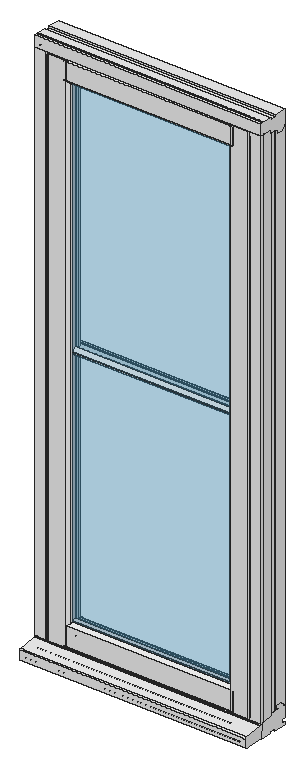
Revit family "C1-2P", category Windows, host Wall, Revit 2012
Parameters
  metal = Matel
  Wood = WindowColor
  Str.Tolrance = 11 mm
  Height = 1770 mm
  Glass = Glass
  Default Sill Height = 914.4 mm
  Wall Closure = By host
  Width = 726 mm
Reference planes
  plane 1 "Center (Front/Back)": y = 0
  plane 2: z = 0
  plane 3 "Center (Left/Right)": x = 0
  plane 4 "Left": x = -363
  plane 5 "Right": x = 363
  plane 6 "Sill": z = 914.4
  plane 7 "Top": z = 2684.4
  plane 8: y = 33.076
  plane 9: z = 2648.4
  plane 10: x = 323
  plane 11: x = -323
  plane 12: z = 2644.4
  plane 13: z = 962.4
  plane 14: x = 265
  plane 15: x = -265
  plane 16: z = 1024.4
  plane 17: z = 2586.4
  plane 18: z = 2628.4
  plane 19: z = 1799.4
Forms (mm)
  Sweep 1, solid, material "Matel" <- "metal"
    path origin (0, 0, 0) x (1, 0, 0) y (0, 0, 1)
      loop
        line (363, 914.4) -> (363, 2648.4)
    profile origin (363, 0, 1781.4) x (-1, 0, 0) y (0, -1, 0)
      loop
        line (0, -10) -> (0, -47) -> (43, -47) -> (43, -44)
        arc (43, -44) -> (50.071, -41.071) -> (53, -34) r 10
        line (53, -34) -> (56, -34) -> (56, -18) -> (36, -18) -> (36, -14) -> (44, -14) -> (44, -4) -> (36, -4) -> (36, -1) -> (44, -1) -> (44, 7) -> (36, 7) -> (36, 31.727)
        arc (36, 31.727) -> (34.922, 33.441) -> (33, 34.079) r 3
        line (33, 34.079) -> (33, 41)
        arc (33, 41) -> (34.834, 41.499) -> (36, 43) r 3
        line (36, 43) -> (36, 47) -> (0, 47) -> (0, 42) -> (2, 42)
        arc (2, 42) -> (5, 39) -> (2, 36) r 3
        line (2, 36) -> (0, 36) -> (0, 10) -> (5, 10) -> (5, -10) -> (0, -10)
  Sweep 2, solid, material "Matel" <- "metal"
    path origin (0, 0, 0) x (1, 0, 0) y (0, 0, 1)
      loop
        line (323, 914.4) -> (323, 2644.4)
    profile origin (323, 0, 1779.4) x (-1, 0, 0) y (0, -1, 0)
      loop
        arc (8, -10) -> (8.879, -12.121) -> (11, -13) r 3
        line (11, -13) -> (52, -13) -> (52, 35) -> (68, 35) -> (68, 37) -> (58, 47) -> (3, 47)
        arc (3, 47) -> (0.879, 46.121) -> (0, 44) r 3
        line (0, 44) -> (0, 42)
        arc (0, 42) -> (0.879, 39.879) -> (3, 39) r 3
        line (3, 39) -> (8, 39) -> (8, 28)
        arc (8, 28) -> (8.586, 26.586) -> (10, 26) r 2
        line (10, 26) -> (10, 8)
        arc (10, 8) -> (8.586, 7.414) -> (8, 6) r 2
        line (8, 6) -> (8, -10)
  Sweep 3, solid, material "Matel" <- "metal"
    path origin (0, 0, 0) x (-1, 0, 0) y (0, 0, 1)
      loop
        line (363, 914.4) -> (363, 2648.4)
    profile origin (-363, 0, 1781.4) x (-1, 0, 0) y (0, -1, 0)
      loop
        line (0, -10) -> (-5, -10) -> (-5, 10) -> (0, 10) -> (0, 36) -> (-2, 36)
        arc (-2, 36) -> (-5, 39) -> (-2, 42) r 3
        line (-2, 42) -> (0, 42) -> (0, 47) -> (-36, 47) -> (-36, 43)
        arc (-36, 43) -> (-34.834, 41.499) -> (-33, 41) r 3
        line (-33, 41) -> (-33, 34.079)
        arc (-33, 34.079) -> (-34.922, 33.441) -> (-36, 31.727) r 3
        line (-36, 31.727) -> (-36, 7) -> (-44, 7) -> (-44, -1) -> (-36, -1) -> (-36, -4) -> (-44, -4) -> (-44, -14) -> (-36, -14) -> (-36, -18) -> (-56, -18) -> (-56, -34) -> (-53, -34)
        arc (-53, -34) -> (-50.071, -41.071) -> (-43, -44) r 10
        line (-43, -44) -> (-43, -47) -> (0, -47) -> (0, -10)
  Sweep 4, solid, material "Matel" <- "metal"
    path origin (-2484.788, 0, 2651.344) x (0, 0, 1) y (1, 0, 0)
      loop
        line (33.056, 2121.788) -> (33.056, 2847.788)
    profile origin (0, 0, 2684.4) x (0, 0, 1) y (0, -1, 0)
      loop
        line (0, -10) -> (-5, -10) -> (-5, 10) -> (0, 10) -> (0, 36) -> (-2, 36)
        arc (-2, 36) -> (-5, 39) -> (-2, 42) r 3
        line (-2, 42) -> (0, 42) -> (0, 47) -> (-36, 47) -> (-36, 43)
        arc (-36, 43) -> (-34.834, 41.499) -> (-33, 41) r 3
        line (-33, 41) -> (-33, 34.079)
        arc (-33, 34.079) -> (-34.922, 33.441) -> (-36, 31.727) r 3
        line (-36, 31.727) -> (-36, 7) -> (-44, 7) -> (-44, -1) -> (-36, -1) -> (-36, -4) -> (-44, -4) -> (-44, -14) -> (-36, -14) -> (-36, -18) -> (-56, -18) -> (-56, -34) -> (-53, -34)
        arc (-53, -34) -> (-50.071, -41.071) -> (-43, -44) r 10
        line (-43, -44) -> (-43, -47) -> (0, -47) -> (0, -10)
  Sweep 5, solid, material "Matel" <- "metal"
    path origin (0, 0, 0) x (1, 0, 0) y (0, 0, 1)
      loop
        line (363, 914.4) -> (-363, 914.4)
    profile origin (0, 0, 914.4) x (0, 0, -1) y (0, -1, 0)
      loop
        line (-55, -46) -> (-20, -46) -> (-20, -36) -> (-10, -36) -> (-10, -46) -> (0, -46) -> (0, -9) -> (-5, -9) -> (-5, 11) -> (0, 11) -> (0, 37) -> (-2, 37)
        arc (-2, 37) -> (-5, 40) -> (-2, 43) r 3
        line (-2, 43) -> (0, 43) -> (0, 48) -> (-23, 48) -> (-23, 43) -> (-38, 43) -> (-38, 48) -> (-41, 48)
        arc (-41, 48) -> (-42.414, 47.414) -> (-43, 46) r 2
        line (-43, 46) -> (-48, 6) -> (-53, 6) -> (-56, -17) -> (-57, -17) -> (-57, -23) -> (-60, -23) -> (-60, -17) -> (-68, -17) -> (-68, -33) -> (-65, -33)
        arc (-65, -33) -> (-62.071, -40.071) -> (-55, -43) r 10
        line (-55, -43) -> (-55, -46)
  Sweep 6, solid, material "Matel" <- "metal"
    path origin (0, 0, 0) x (1, 0, 0) y (0, 0, 1)
      loop
        line (363, 914.4) -> (-363, 914.4)
    profile origin (0, 0, 914.4) x (0, 0, -1) y (0, -1, 0)
      loop
        line (-2, 103) -> (0, 103) -> (0, 108) -> (-28, 108)
        arc (-28, 108) -> (-30.068, 107.174) -> (-30.996, 105.149) r 3
        line (-30.996, 105.149) -> (-38, 48) -> (-38, 43) -> (-23, 43) -> (-23, 48) -> (0, 48) -> (0, 97) -> (-2, 97)
        arc (-2, 97) -> (-5, 100) -> (-2, 103) r 3
  Sweep 7, solid, material "Matel" <- "metal"
    path origin (0, 0, 0) x (1, 0, 0) y (0, 0, 1)
      loop
        line (271, 957.4) -> (-271, 957.4)
    profile origin (0, 0, 957.4) x (0, 0, -1) y (0, -1, 0)
      loop
        line (-12, -10.5) -> (-12, 5.5)
        arc (-12, 5.5) -> (-12.586, 6.914) -> (-14, 7.5) r 2
        line (-14, 7.5) -> (-14, 25.5)
        arc (-14, 25.5) -> (-12.586, 26.086) -> (-12, 27.5) r 2
        line (-12, 27.5) -> (-12, 38.5) -> (-3, 38.5)
        arc (-3, 38.5) -> (-0.879, 39.379) -> (0, 41.5) r 3
        line (0, 41.5) -> (0, 43.5)
        arc (0, 43.5) -> (-0.879, 45.621) -> (-3, 46.5) r 3
        line (-3, 46.5) -> (-62, 46.5) -> (-72, 36.5) -> (-72, 34.5) -> (-56, 34.5) -> (-56, -13.5) -> (-15, -13.5)
        arc (-15, -13.5) -> (-12.879, -12.621) -> (-12, -10.5) r 3
  Sweep 8, solid, material "Matel" <- "metal"
    path origin (0, 0, 0) x (1, 0, 0) y (0, 0, 1)
      loop
        line (265, 2586.4) -> (-265, 2586.4) -> (-265, 1019.4) -> (265, 1019.4) -> (265, 2586.4)
    profile origin (0, 0, 2586.4) x (0, 0, -1) y (0, -1, 0)
      loop
        line (-1, -10) -> (-1, -7)
        arc (-1, -7) -> (4.657, -4.657) -> (7, 1) r 8
        line (7, 1) -> (10, 1) -> (10, 5) -> (6, 6) -> (6, 9) -> (-6, 9) -> (-6, -10) -> (-1, -10)
  Sweep 9, solid
    path origin (0, 0, 0) x (1, 0, 0) y (0, 0, 1)
      loop
        line (265, 2586.4) -> (-265, 2586.4) -> (-265, 1024.4) -> (265, 1024.4) -> (265, 2586.4)
    profile origin (0, 0, 2586.4) x (0, 0, -1) y (0, -1, 0)
      loop
        line (-6, 13.165) -> (4, 13.165) -> (4, 29.165) -> (-6, 29.165) -> (-6, 13.165)
  Extrusion 10, solid, material "Glass" <- "Glass"
    sketch origin (0, 0, 0) x (1, 0, 0) y (0, 0, 1)
      loop
        line (265, 2586.4) -> (-265, 2586.4) -> (-265, 1024.4) -> (265, 1024.4) -> (265, 2586.4)
    from 29.165 to 33.165
  Extrusion 11, solid, material "Glass" <- "Glass"
    sketch origin (0, -51.875, 0) x (1, 0, 0) y (0, 0, -1)
      loop
        line (265, -2586.4) -> (265, -1024.4) -> (-265, -1024.4) -> (-265, -2586.4) -> (265, -2586.4)
    from 38.875 to 42.875
  Sweep 12, void
    path origin (0, 0, 0) x (1, 0, 0) y (0, 1, 0)
      loop
        line (-363, 0) -> (363, 0)
    profile origin (0, 0, 0) x (0, 1, 0) y (0, 0, 1)
      loop
        line (46, 969.4) -> (43, 969.4)
        arc (43, 969.4) -> (40.071, 976.471) -> (33, 979.4) r 10
        line (33, 979.4) -> (33, 982.4) -> (17, 982.4) -> (17, 974.4) -> (23, 974.4) -> (23, 971.4) -> (17, 971.4) -> (17, 970.4) -> (-6, 967.4) -> (-6, 962.4) -> (-46, 957.4)
        arc (-46, 957.4) -> (-47.414, 956.814) -> (-48, 955.4) r 2
        line (-48, 955.4) -> (-48, 952.4) -> (-80.364, 948.378) -> (-105.37, 945.377) -> (-130.37, 942.377)
        arc (-130.37, 942.377) -> (-132.248, 941.386) -> (-133, 939.4) r 3
        line (-133, 939.4) -> (-133, 909.4) -> (57, 909.4) -> (57, 969.4) -> (46, 969.4)
  Sweep 13, void
    path origin (0, 0, 0) x (1, 0, 0) y (0, 1, 0)
      loop
        line (-363, 0) -> (363, 0)
    profile origin (0, 0, 0) x (0, 1, 0) y (0, 0, 1)
      loop
        line (47, 2641.4) -> (57, 2641.4) -> (57, 2691.4) -> (-58, 2691.4) -> (-58, 2648.4) -> (-47, 2648.4) -> (-43, 2648.4)
        arc (-43, 2648.4) -> (-41.499, 2649.566) -> (-41, 2651.4) r 3
        line (-41, 2651.4) -> (-34.079, 2651.4)
        arc (-34.079, 2651.4) -> (-33.441, 2649.478) -> (-31.727, 2648.4) r 3
        line (-31.727, 2648.4) -> (-7, 2648.4) -> (-7, 2640.4) -> (1, 2640.4) -> (1, 2648.4) -> (4, 2648.4) -> (4, 2640.4) -> (14, 2640.4) -> (14, 2648.4) -> (18, 2648.4) -> (18, 2628.4) -> (34, 2628.4) -> (34, 2631.4)
        arc (34, 2631.4) -> (41.071, 2634.329) -> (44, 2641.4) r 10
        line (44, 2641.4) -> (47, 2641.4)
  Sweep 14, solid, material "Matel" <- "metal"
    path origin (0, 0, 0) x (1, 0, 0) y (0, 0, 1)
      loop
        line (265, 1799.4) -> (-265, 1799.4)
    profile origin (0, 0, 1799.4) x (0, 0, -1) y (0, -1, 0)
      loop
        line (10, -10.711) -> (-10, -10.711) -> (-10, -16.711) -> (-8, -16.711) -> (-8, -19.211)
        arc (-8, -19.211) -> (-6.294, -23.727) -> (-2.5, -26.711) r 9
        line (-2.5, -26.711) -> (-2.5, -28.711) -> (2.5, -28.711) -> (2.5, -26.711)
        arc (2.5, -26.711) -> (6.294, -23.727) -> (8, -19.211) r 9
        line (8, -19.211) -> (8, -16.711) -> (10, -16.711) -> (10, -10.711)
      loop
        line (10, 18.378) -> (2.551, 26.532) -> (2.551, 28.532) -> (-2.449, 28.532) -> (-2.449, 26.532) -> (-10, 15.578) -> (10, 15.578) -> (10, 18.378)
  Sweep 15, solid, material "Matel" <- "metal"
    path origin (0, 0, 0) x (1, 0, 0) y (0, 0, 1)
      loop
        line (265, 1799.4) -> (-265, 1799.4)
    profile origin (0, 0, 1799.4) x (0, 0, -1) y (0, -1, 0)
      loop
        line (10, -5.465) -> (10, 10.535) -> (-10, 10.535) -> (-10, -5.465) -> (10, -5.465)
  Sweep 16, solid, material "Matel" <- "metal"
    path origin (0, 0, 0) x (-1, 0, 0) y (0, 0, 1)
      loop
        line (323, 914.4) -> (323, 2644.4)
    profile origin (-323, 0, 1779.4) x (-1, 0, 0) y (0, -1, 0)
      loop
        line (-8, -10) -> (-8, 6)
        arc (-8, 6) -> (-8.586, 7.414) -> (-10, 8) r 2
        line (-10, 8) -> (-10, 26)
        arc (-10, 26) -> (-8.586, 26.586) -> (-8, 28) r 2
        line (-8, 28) -> (-8, 39) -> (-3, 39)
        arc (-3, 39) -> (-0.879, 39.879) -> (0, 42) r 3
        line (0, 42) -> (0, 44)
        arc (0, 44) -> (-0.879, 46.121) -> (-3, 47) r 3
        line (-3, 47) -> (-58, 47) -> (-68, 37) -> (-68, 35) -> (-52, 35) -> (-52, -13) -> (-11, -13)
        arc (-11, -13) -> (-8.879, -12.121) -> (-8, -10) r 3
  Sweep 17, solid, material "Matel" <- "metal"
    path origin (2478.824, 0, 2618.031) x (0, 0, 1) y (-1, 0, 0)
      loop
        line (26.369, 2207.824) -> (26.369, 2749.824)
    profile origin (0, 0, 2644.4) x (0, 0, -1) y (0, -1, 0)
      loop
        arc (8, -10.5) -> (8.879, -12.621) -> (11, -13.5) r 3
        line (11, -13.5) -> (52, -13.5) -> (52, 34.5) -> (68, 34.5) -> (68, 36.5) -> (58, 46.5) -> (3, 46.5)
        arc (3, 46.5) -> (0.879, 45.621) -> (0, 43.5) r 3
        line (0, 43.5) -> (0, 41.5)
        arc (0, 41.5) -> (0.879, 39.379) -> (3, 38.5) r 3
        line (3, 38.5) -> (8, 38.5) -> (8, 27.5)
        arc (8, 27.5) -> (8.586, 26.086) -> (10, 25.5) r 2
        line (10, 25.5) -> (10, 7.5)
        arc (10, 7.5) -> (8.586, 6.914) -> (8, 5.5) r 2
        line (8, 5.5) -> (8, -10.5)
Cuts and joins
  Sweep 12, Sweep 13 cuts Sweep 1
  Sweep 12 cuts Sweep 2
  Sweep 12, Sweep 13 cuts Sweep 3
Lines and regions (mm)
  Opening 1
    outline origin (-1524, -47, 0) x (1, 0, 0) y (0, 0, 1)
      loop
        line (1161, 2684.4) -> (1161, 914.4) -> (1887, 914.4) -> (1887, 2684.4) -> (1161, 2684.4)
Text (mm)
  text "EXTERIOR" at (-1490.695, 1293.036, 0), in view "Ref. Level"
  text "INTERIOR" at (-1490.695, -959.266, 0), in view "Ref. Level"
  text "Exterior" at (0, 1108.87, 3129.179), in view "Left"
  text "Exterior" at (0, 464.664, 3176.206), in view "Right"
Dimensions and locks
  equal spacing: plane 4 "Left", plane 3 "Center (Left/Right)", plane 5 "Right"  (x2)
  "Height": plane 6 "Sill" to plane 7 "Top"
  "Default Sill Height": plane 2 to plane 6 "Sill"
  plane 6 "Sill" to plane 7 "Top" = 1770 mm
  "Width": plane 4 "Left" to plane 5 "Right"
  locked: plane 9 to plane 7 "Top" at 36
  plane 10 to plane 5 "Right" = 40 mm
  plane 11 to plane 4 "Left" = 40 mm
  locked: plane 12 to plane 7 "Top" at 40
  locked: plane 6 "Sill" to plane 13 at 48
  locked: plane 5 "Right" to plane 14 at 98
  locked: plane 4 "Left" to plane 15 at 98
  locked: plane 6 "Sill" to plane 16 at 110
  locked: plane 17 to plane 7 "Top" at 98
  locked: Extrusion 10 to Extrusion 10 at 4
  locked: Extrusion 11 to Extrusion 11 at 4
  equal spacing: plane 6 "Sill", plane 19, plane 7 "Top"
  aligned and locked: plane 7 "Top" to Opening 1 sketch curve
  aligned and locked: plane 6 "Sill" to Opening 1 sketch curve  (x2)
  aligned and locked: plane 5 "Right" to Opening 1 sketch curve
  aligned and locked: plane 4 "Left" to Opening 1 sketch curve
  aligned and locked: level to plane 2
  aligned and locked: plane 5 "Right" to Sweep 1 sketch curve
  aligned and locked: plane 10 to Sweep 2 sketch curve
  aligned and locked: plane 9 to Sweep 1 sketch curve
  aligned and locked: plane 4 "Left" to Sweep 3 sketch curve
  aligned and locked: plane 9 to Sweep 3 sketch curve
  aligned and locked: plane 5 "Right" to Sweep 4 sketch curve
  aligned and locked: plane 4 "Left" to Sweep 4 sketch curve
  aligned and locked: plane 4 "Left" to Sweep 5 sketch curve
  aligned and locked: plane 5 "Right" to Sweep 5 sketch curve
  aligned and locked: Sweep 8 sketch curve to plane 14
  aligned and locked: Sweep 8 sketch curve to plane 15
  aligned and locked: Sweep 8 sketch curve to plane 17
  aligned and locked: Sweep 9 sketch curve to plane 14
  aligned and locked: Sweep 9 sketch curve to plane 15
  aligned and locked: Sweep 9 sketch curve to plane 17
  aligned and locked: plane 16 to Sweep 9 sketch curve
  aligned and locked: plane 16 to Extrusion 10 sketch curve
  aligned and locked: Extrusion 10 sketch curve to plane 15
  aligned and locked: Extrusion 10 sketch curve to plane 17
  aligned and locked: Extrusion 10 sketch curve to plane 14
  aligned and locked: Extrusion 10 to Sweep 9
  aligned and locked: plane 6 "Sill" to Sweep 5
  aligned and locked: plane 6 "Sill" to Sweep 6
  aligned and locked: Sweep 4 to plane 7 "Top"
  aligned and locked: Sweep 7 sketch curve to Sweep 5
  aligned and locked: plane 14 to Sweep 14 sketch curve
  aligned and locked: plane 15 to Sweep 14 sketch curve
  aligned and locked: Sweep 14 sketch curve to plane 19
  aligned and locked: plane 14 to Sweep 15 sketch curve
  aligned and locked: plane 15 to Sweep 15 sketch curve
  aligned and locked: Sweep 15 sketch curve to plane 19
  aligned and locked: Sweep 17 sketch curve to plane 12
Automatic sketch dimensions
  Sweep 1 sketch curve to plane 6 "Sill" = 0 mm
  Sweep 1 sketch curve to profile plane = 0 mm  (x3)
  Sweep 1 sketch curve to profile plane = 2 mm
  Sweep 1 sketch curve to Sweep 1 sketch curve = 5 mm  (x2)
  Sweep 1 sketch curve to Sweep 1 sketch curve = 31 mm  (x2)
  Sweep 1 sketch curve to Sweep 1 sketch curve = 0.071 mm
  Sweep 1 sketch curve to Sweep 1 sketch curve = 0.17 mm
  Sweep 1 sketch curve to plane 1 "Center (Front/Back)" = 4 mm
  Sweep 1 sketch curve to Sweep 1 sketch curve = 0 mm  (x3)
  Sweep 1 sketch curve to Sweep 1 sketch curve = 2.83 mm
  Sweep 1 sketch curve to Sweep 1 sketch curve = 7 mm
  Sweep 1 sketch curve to Sweep 1 sketch curve = 8 mm
  Sweep 1 sketch curve to plane 1 "Center (Front/Back)" = 1 mm
  Sweep 1 sketch curve to Sweep 1 sketch curve = 10 mm  (x2)
  Sweep 1 sketch curve to Sweep 1 sketch curve = 12 mm
  Sweep 1 sketch curve to plane 1 "Center (Front/Back)" = 10 mm
  Sweep 1 sketch curve to Sweep 1 sketch curve = 4 mm
  Sweep 1 sketch curve to Sweep 1 sketch curve = 16 mm
  Sweep 1 sketch curve to Sweep 1 sketch curve = 3 mm  (x2)
  plane 1 "Center (Front/Back)" to Sweep 1 sketch curve = 7 mm
  plane 1 "Center (Front/Back)" to Sweep 1 sketch curve = 10 mm
  Sweep 1 sketch curve to Sweep 1 sketch curve = 24.08 mm
  Sweep 1 sketch curve to Sweep 1 sketch curve = 0.647 mm
  Sweep 1 sketch curve to Sweep 1 sketch curve = 26 mm
  Sweep 1 sketch curve to Sweep 1 sketch curve = 6.921 mm
  Sweep 1 sketch curve to Sweep 1 sketch curve = 2 mm
  Sweep 2 sketch curve to plane 6 "Sill" = 0 mm
  Sweep 2 sketch curve to plane 12 = 0 mm
  Sweep 2 sketch curve to profile plane = 0 mm
  Sweep 2 sketch curve to profile plane = 3 mm
  Sweep 2 sketch curve to Sweep 2 sketch curve = 0 mm
  Sweep 2 sketch curve to profile plane = 8 mm
  Sweep 2 sketch curve to Sweep 2 sketch curve = 5 mm
  Sweep 2 sketch curve to Sweep 2 sketch curve = 2 mm  (x3)
  Sweep 2 sketch curve to Sweep 2 sketch curve = 3 mm
  Sweep 2 sketch curve to plane 1 "Center (Front/Back)" = 13 mm
  Sweep 2 sketch curve to Sweep 2 sketch curve = 41 mm
  Sweep 2 sketch curve to Sweep 2 sketch curve = 6 mm
  Sweep 2 sketch curve to Sweep 2 sketch curve = 10 mm
  plane 1 "Center (Front/Back)" to Sweep 2 sketch curve = 6 mm
  Sweep 2 sketch curve to Sweep 2 sketch curve = 18 mm
  plane 1 "Center (Front/Back)" to Sweep 2 sketch curve = 35 mm
  Sweep 2 sketch curve to Sweep 2 sketch curve = 11 mm
  Sweep 3 sketch curve to plane 6 "Sill" = 0 mm
  Sweep 3 sketch curve to profile plane = 0 mm  (x3)
  Sweep 3 sketch curve to Sweep 3 sketch curve = 2 mm  (x2)
  profile plane to Sweep 3 sketch curve = 5 mm
  Sweep 3 sketch curve to Sweep 3 sketch curve = 31 mm
  Sweep 3 sketch curve to Sweep 3 sketch curve = 0.071 mm
  Sweep 3 sketch curve to Sweep 3 sketch curve = 0.17 mm
  plane 1 "Center (Front/Back)" to Sweep 3 sketch curve = 7 mm
  Sweep 3 sketch curve to Sweep 3 sketch curve = 2.929 mm
  Sweep 3 sketch curve to Sweep 3 sketch curve = 2.83 mm
  Sweep 3 sketch curve to plane 1 "Center (Front/Back)" = 1 mm
  Sweep 3 sketch curve to Sweep 3 sketch curve = 0 mm  (x3)
  Sweep 3 sketch curve to Sweep 3 sketch curve = 7 mm
  Sweep 3 sketch curve to Sweep 3 sketch curve = 8 mm
  Sweep 3 sketch curve to Sweep 3 sketch curve = 10 mm  (x2)
  Sweep 3 sketch curve to Sweep 3 sketch curve = 3 mm  (x4)
  Sweep 3 sketch curve to plane 1 "Center (Front/Back)" = 10 mm
  Sweep 3 sketch curve to Sweep 3 sketch curve = 4 mm
  Sweep 3 sketch curve to Sweep 3 sketch curve = 16 mm
  plane 1 "Center (Front/Back)" to Sweep 3 sketch curve = 10 mm
  Sweep 3 sketch curve to Sweep 3 sketch curve = 24.08 mm
  Sweep 3 sketch curve to Sweep 3 sketch curve = 0.647 mm
  Sweep 3 sketch curve to Sweep 3 sketch curve = 26 mm
  Sweep 3 sketch curve to Sweep 3 sketch curve = 6.921 mm
  Sweep 3 sketch curve to Sweep 3 sketch curve = 5 mm
  Sweep 4 sketch curve to plane 7 "Top" = 0 mm
  profile plane to Sweep 4 sketch curve = 0 mm  (x3)
  Sweep 4 sketch curve to Sweep 4 sketch curve = 2 mm  (x2)
  Sweep 4 sketch curve to Sweep 4 sketch curve = 5 mm  (x2)
  Sweep 4 sketch curve to Sweep 4 sketch curve = 31 mm
  Sweep 4 sketch curve to Sweep 4 sketch curve = 0.071 mm
  Sweep 4 sketch curve to Sweep 4 sketch curve = 0.17 mm
  plane 1 "Center (Front/Back)" to Sweep 4 sketch curve = 7 mm
  Sweep 4 sketch curve to Sweep 4 sketch curve = 2.929 mm
  Sweep 4 sketch curve to Sweep 4 sketch curve = 2.83 mm
  Sweep 4 sketch curve to plane 1 "Center (Front/Back)" = 1 mm
  Sweep 4 sketch curve to Sweep 4 sketch curve = 0 mm  (x3)
  Sweep 4 sketch curve to Sweep 4 sketch curve = 7 mm
  Sweep 4 sketch curve to Sweep 4 sketch curve = 8 mm
  Sweep 4 sketch curve to Sweep 4 sketch curve = 10 mm  (x2)
  Sweep 4 sketch curve to Sweep 4 sketch curve = 3 mm  (x4)
  Sweep 4 sketch curve to plane 1 "Center (Front/Back)" = 10 mm
  Sweep 4 sketch curve to Sweep 4 sketch curve = 4 mm
  Sweep 4 sketch curve to Sweep 4 sketch curve = 16 mm
  plane 1 "Center (Front/Back)" to Sweep 4 sketch curve = 10 mm
  Sweep 4 sketch curve to Sweep 4 sketch curve = 24.08 mm
  Sweep 4 sketch curve to Sweep 4 sketch curve = 0.647 mm
  Sweep 4 sketch curve to Sweep 4 sketch curve = 26 mm
  Sweep 4 sketch curve to Sweep 4 sketch curve = 6.921 mm
  Sweep 5 sketch curve to plane 6 "Sill" = 0 mm
  Sweep 5 sketch curve to profile plane = 0 mm  (x3)
  profile plane to Sweep 5 sketch curve = 2 mm
  profile plane to Sweep 5 sketch curve = 5 mm
  profile plane to Sweep 5 sketch curve = 10 mm
  Sweep 5 sketch curve to Sweep 5 sketch curve = 10 mm  (x5)
  Sweep 5 sketch curve to Sweep 5 sketch curve = 21 mm
  Sweep 5 sketch curve to Sweep 5 sketch curve = 15 mm
  Sweep 5 sketch curve to Sweep 5 sketch curve = 3 mm  (x6)
  Sweep 5 sketch curve to Sweep 5 sketch curve = 2 mm
  plane 1 "Center (Front/Back)" to Sweep 5 sketch curve = 6 mm
  Sweep 5 sketch curve to Sweep 5 sketch curve = 5 mm  (x2)
  Sweep 5 sketch curve to Sweep 5 sketch curve = 35 mm
  Sweep 5 sketch curve to plane 1 "Center (Front/Back)" = 17 mm
  Sweep 5 sketch curve to Sweep 5 sketch curve = 1 mm  (x2)
  Sweep 5 sketch curve to Sweep 5 sketch curve = 0 mm  (x2)
  Sweep 5 sketch curve to Sweep 5 sketch curve = 6 mm
  Sweep 5 sketch curve to plane 1 "Center (Front/Back)" = 36 mm
  Sweep 5 sketch curve to plane 1 "Center (Front/Back)" = 9 mm
  plane 1 "Center (Front/Back)" to Sweep 5 sketch curve = 11 mm
  Sweep 5 sketch curve to Sweep 5 sketch curve = 26 mm
  plane 4 "Left" to Sweep 6 sketch curve = 0 mm
  plane 5 "Right" to Sweep 6 sketch curve = 0 mm
  Sweep 6 sketch curve to plane 6 "Sill" = 0 mm
  Sweep 6 sketch curve to profile plane = 0 mm  (x2)
  Sweep 6 sketch curve to Sweep 6 sketch curve = 2 mm  (x2)
  Sweep 6 sketch curve to Sweep 6 sketch curve = 23 mm
  Sweep 6 sketch curve to Sweep 6 sketch curve = 26 mm
  Sweep 6 sketch curve to Sweep 6 sketch curve = 2.996 mm
  Sweep 6 sketch curve to Sweep 6 sketch curve = 15 mm
  plane 1 "Center (Front/Back)" to Sweep 6 sketch curve = 43 mm
  Sweep 6 sketch curve to Sweep 6 sketch curve = 5 mm  (x2)
  Sweep 6 sketch curve to Sweep 6 sketch curve = 49 mm
  Sweep 6 sketch curve to Sweep 6 sketch curve = 3 mm
  Sweep 6 sketch curve to Sweep 6 sketch curve = 0.149 mm
  Sweep 7 sketch curve to profile plane = 0 mm
  profile plane to Sweep 7 sketch curve = 3 mm  (x2)
  profile plane to Sweep 7 sketch curve = 12 mm  (x2)
  Sweep 7 sketch curve to Sweep 7 sketch curve = 2 mm  (x3)
  Sweep 7 sketch curve to Sweep 7 sketch curve = 3 mm
  Sweep 7 sketch curve to Sweep 7 sketch curve = 42 mm
  Sweep 7 sketch curve to Sweep 7 sketch curve = 6 mm
  Sweep 7 sketch curve to Sweep 7 sketch curve = 10 mm
  Sweep 7 sketch curve to plane 1 "Center (Front/Back)" = 13.5 mm
  plane 1 "Center (Front/Back)" to Sweep 7 sketch curve = 5.5 mm
  Sweep 7 sketch curve to Sweep 7 sketch curve = 18 mm
  plane 1 "Center (Front/Back)" to Sweep 7 sketch curve = 34.5 mm
  Sweep 7 sketch curve to Sweep 7 sketch curve = 11 mm
  profile plane to Sweep 8 sketch curve = 6 mm
  profile plane to Sweep 8 sketch curve = 1 mm
  Sweep 8 sketch curve to profile plane = 6 mm
  plane 1 "Center (Front/Back)" to Sweep 8 sketch curve = 1 mm
  Sweep 8 sketch curve to Sweep 8 sketch curve = 1 mm  (x2)
  plane 1 "Center (Front/Back)" to Sweep 8 sketch curve = 5 mm
  Sweep 8 sketch curve to Sweep 8 sketch curve = 4 mm
  Sweep 8 sketch curve to Sweep 8 sketch curve = 3 mm
  plane 1 "Center (Front/Back)" to Sweep 8 sketch curve = 9 mm
  profile plane to Sweep 9 sketch curve = 6 mm
  Sweep 9 sketch curve to profile plane = 4 mm
  plane 1 "Center (Front/Back)" to Sweep 9 sketch curve = 13.165 mm
  Sweep 9 sketch curve to Sweep 9 sketch curve = 16 mm
  plane 15 to Extrusion 11 sketch curve = 0 mm
  Extrusion 11 sketch curve to plane 14 = 0 mm
  Extrusion 11 sketch curve to plane 17 = 0 mm
  Extrusion 11 sketch curve to plane 16 = 0 mm
  plane 1 "Center (Front/Back)" to Sweep 12 sketch curve = 0 mm
  Sweep 12 sketch curve to plane 4 "Left" = 0 mm
  Sweep 12 sketch curve to plane 5 "Right" = 0 mm
  profile plane to Sweep 12 sketch curve = 133 mm
  Sweep 12 sketch curve to Sweep 12 sketch curve = 2.63 mm
  Sweep 12 sketch curve to Sweep 12 sketch curve = 3 mm  (x6)
  Sweep 12 sketch curve to Sweep 12 sketch curve = 25 mm
  Sweep 12 sketch curve to Sweep 12 sketch curve = 25.006 mm
  Sweep 12 sketch curve to Sweep 12 sketch curve = 32.364 mm
  Sweep 12 sketch curve to Sweep 12 sketch curve = 2 mm  (x2)
  profile plane to Sweep 12 sketch curve = 6 mm
  Sweep 12 sketch curve to profile plane = 17 mm
  Sweep 12 sketch curve to Sweep 12 sketch curve = 0 mm
  Sweep 12 sketch curve to Sweep 12 sketch curve = 6 mm
  Sweep 12 sketch curve to Sweep 12 sketch curve = 10 mm  (x2)
  Sweep 12 sketch curve to Sweep 12 sketch curve = 11 mm
  level to Sweep 12 sketch curve = 909.4 mm
  Sweep 12 sketch curve to Sweep 12 sketch curve = 30 mm
  Sweep 12 sketch curve to Sweep 12 sketch curve = 3.001 mm
  Sweep 12 sketch curve to Sweep 12 sketch curve = 4.022 mm
  Sweep 12 sketch curve to Sweep 12 sketch curve = 5 mm  (x2)
  Sweep 12 sketch curve to Sweep 12 sketch curve = 1 mm  (x2)
  plane 1 "Center (Front/Back)" to Sweep 13 sketch curve = 0 mm
  Sweep 13 sketch curve to plane 4 "Left" = 0 mm
  Sweep 13 sketch curve to plane 5 "Right" = 0 mm
  profile plane to Sweep 13 sketch curve = 58 mm
  Sweep 13 sketch curve to Sweep 13 sketch curve = 11 mm
  Sweep 13 sketch curve to Sweep 13 sketch curve = 3.005 mm
  Sweep 13 sketch curve to Sweep 13 sketch curve = 0.995 mm
  Sweep 13 sketch curve to Sweep 13 sketch curve = 2.995 mm
  Sweep 13 sketch curve to Sweep 13 sketch curve = 6.921 mm
  Sweep 13 sketch curve to Sweep 13 sketch curve = 2.353 mm
  Sweep 13 sketch curve to Sweep 13 sketch curve = 0.647 mm
  profile plane to Sweep 13 sketch curve = 7 mm
  Sweep 13 sketch curve to profile plane = 1 mm
  Sweep 13 sketch curve to Sweep 13 sketch curve = 3 mm  (x3)
  Sweep 13 sketch curve to Sweep 13 sketch curve = 10 mm  (x3)
  Sweep 13 sketch curve to Sweep 13 sketch curve = 4 mm
  Sweep 13 sketch curve to Sweep 13 sketch curve = 16 mm
  level to Sweep 13 sketch curve = 2628.4 mm
  Sweep 13 sketch curve to Sweep 13 sketch curve = 12 mm
  Sweep 13 sketch curve to Sweep 13 sketch curve = 0 mm  (x3)
  Sweep 13 sketch curve to Sweep 13 sketch curve = 8 mm  (x2)
  Sweep 13 sketch curve to Sweep 13 sketch curve = 2.83 mm
  Sweep 13 sketch curve to Sweep 13 sketch curve = 50 mm
  profile plane to Sweep 14 sketch curve = 10 mm  (x2)
  Sweep 14 sketch curve to Sweep 14 sketch curve = 2 mm  (x5)
  profile plane to Sweep 14 sketch curve = 2.5 mm
  profile plane to Sweep 14 sketch curve = 2.449 mm
  profile plane to Sweep 14 sketch curve = 0.964 mm
  Sweep 14 sketch curve to profile plane = 0.964 mm
  Sweep 14 sketch curve to profile plane = 2.5 mm
  Sweep 14 sketch curve to profile plane = 2.551 mm
  Sweep 14 sketch curve to Sweep 14 sketch curve = 7.036 mm
  Sweep 14 sketch curve to profile plane = 10 mm
  Sweep 14 sketch curve to plane 1 "Center (Front/Back)" = 28.711 mm
  Sweep 14 sketch curve to Sweep 14 sketch curve = 7.5 mm
  Sweep 14 sketch curve to Sweep 14 sketch curve = 0.807 mm
  Sweep 14 sketch curve to Sweep 14 sketch curve = 2.5 mm  (x2)
  Sweep 14 sketch curve to Sweep 14 sketch curve = 6 mm
  plane 1 "Center (Front/Back)" to Sweep 14 sketch curve = 15.578 mm
  Sweep 14 sketch curve to Sweep 14 sketch curve = 2.8 mm
  Sweep 14 sketch curve to Sweep 14 sketch curve = 8.154 mm
  Sweep 14 sketch curve to Sweep 14 sketch curve = 0 mm
  profile plane to Sweep 15 sketch curve = 10 mm
  Sweep 15 sketch curve to profile plane = 10 mm
  Sweep 15 sketch curve to plane 1 "Center (Front/Back)" = 5.465 mm
  plane 1 "Center (Front/Back)" to Sweep 15 sketch curve = 10.535 mm
  Sweep 16 sketch curve to plane 11 = 0 mm
  Sweep 16 sketch curve to plane 6 "Sill" = 0 mm
  Sweep 16 sketch curve to plane 12 = 0 mm
  Sweep 16 sketch curve to profile plane = 0 mm
  profile plane to Sweep 16 sketch curve = 3 mm  (x2)
  profile plane to Sweep 16 sketch curve = 8 mm  (x2)
  Sweep 16 sketch curve to Sweep 16 sketch curve = 2 mm  (x3)
  Sweep 16 sketch curve to Sweep 16 sketch curve = 3 mm
  Sweep 16 sketch curve to Sweep 16 sketch curve = 42 mm
  Sweep 16 sketch curve to Sweep 16 sketch curve = 6 mm
  Sweep 16 sketch curve to Sweep 16 sketch curve = 10 mm
  Sweep 16 sketch curve to plane 1 "Center (Front/Back)" = 13 mm
  plane 1 "Center (Front/Back)" to Sweep 16 sketch curve = 6 mm
  Sweep 16 sketch curve to Sweep 16 sketch curve = 18 mm
  plane 1 "Center (Front/Back)" to Sweep 16 sketch curve = 35 mm
  Sweep 16 sketch curve to Sweep 16 sketch curve = 11 mm
  Sweep 17 sketch curve to profile plane = 0 mm
  Sweep 17 sketch curve to profile plane = 3 mm
  Sweep 17 sketch curve to Sweep 17 sketch curve = 0 mm
  Sweep 17 sketch curve to profile plane = 8 mm
  Sweep 17 sketch curve to Sweep 17 sketch curve = 5 mm
  Sweep 17 sketch curve to Sweep 17 sketch curve = 2 mm  (x3)
  Sweep 17 sketch curve to Sweep 17 sketch curve = 3 mm
  Sweep 17 sketch curve to plane 1 "Center (Front/Back)" = 13.5 mm
  Sweep 17 sketch curve to Sweep 17 sketch curve = 41 mm
  Sweep 17 sketch curve to Sweep 17 sketch curve = 6 mm
  Sweep 17 sketch curve to Sweep 17 sketch curve = 10 mm
  plane 1 "Center (Front/Back)" to Sweep 17 sketch curve = 5.5 mm
  Sweep 17 sketch curve to Sweep 17 sketch curve = 18 mm
  plane 1 "Center (Front/Back)" to Sweep 17 sketch curve = 34.5 mm
  Sweep 17 sketch curve to Sweep 17 sketch curve = 11 mm
  plane 15 to Sweep 17 sketch curve = 6 mm
  plane 14 to Sweep 17 sketch curve = 6 mm
  plane 15 to Sweep 7 sketch curve = 6 mm
  plane 14 to Sweep 7 sketch curve = 6 mm
  Sweep 8 sketch curve to plane 16 = 5 mm
